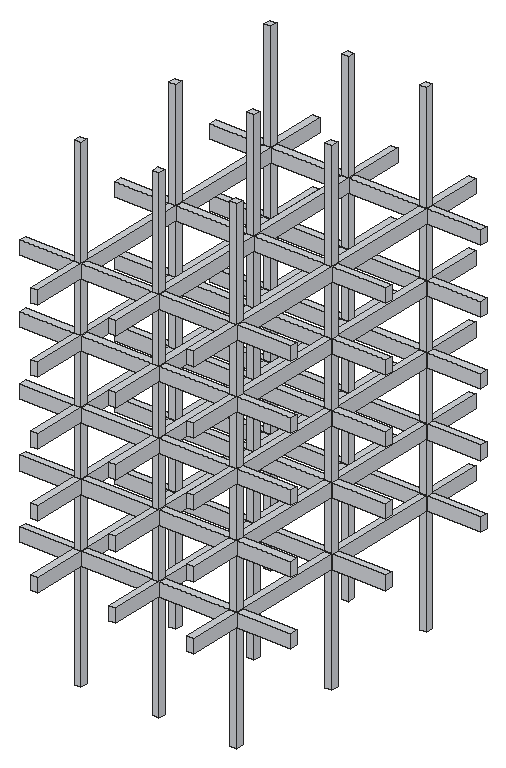
Revit family "3D_trellace", category Generic Models, Revit 2022
Family settings
  Can host rebar = No
  Round Connector Dimension = Use Diameter
  Part Type = Normal
  Work Plane-Based = No
  Always vertical = Yes
  Cut with Voids When Loaded = No
  Maintain Annotation Orientation = No
  Shared = No
  Room Calculation Point = No
Parameters
  Width Member Spacing [instance] = 6' - 0"
  Width [instance] = 18' - 0"
  Vertical Member Width [instance] = 0' - 6"
  Vertical Member No. [instance] = Width / Width Member Spacing  # 3
  Vertical Member Length [instance] = 0' - 6"
  Vertical Member Extension [instance] = 8' - 0"
  Length Member Spacing [instance] = 4' - 0"
  Length [instance] = 12' - 0"
  Horizontal Member Width = 0' - 6"
  Horizontal Member Extension [instance] = 8' - 0"
  Horizontal Member Height [instance] = 1' - 0"
  Horizontal Grid No. [instance] = Height / Height Member Spacing  # 5
  Height Member Spacing [instance] = 4' - 0"
  Height = 20' - 0"
  Final Height [instance] = Height + (Vertical Member Extension * 2)  # 36' - 0"
  Default Elevation = 0' - 0"
Reference planes (in)
  plane 1 "Center (Front/Back)": y = 0
  plane 2: z = 0
  plane 3 "Center (Left/Right)": x = 0
  plane 4: y = 108
  plane 5: x = 72
  plane 6: y = -108
  plane 7: x = -72
  plane 8: z = 240
  plane 9: z = -96
Dimensions and locks (in)
  equal spacing: plane 7, plane 3 "Center (Left/Right)", plane 5
  equal spacing: plane 4, plane 1 "Center (Front/Back)", plane 6
  "Length": plane 7 to plane 5
  "Width": plane 6 to plane 4
  "Height": plane 8 to level
  equal spacing: group 1, group 3, group 4, group 5, group 2  (x3)
  "Vertical Member Extension": level to plane 9
  equal spacing: group 6, group 8, group 7  (x3)
  aligned and locked: plane 2 to level
  aligned and locked: nested 1 to plane 1 "Center (Front/Back)"
  aligned and locked: nested 2 to plane 7
  aligned and locked: nested 3 to plane 8
  aligned and locked: nested 3 to plane 3 "Center (Left/Right)"
  aligned and locked: nested 1 to level
  aligned and locked: plane 9 to nested 2  (x2)
  aligned and locked: plane 6 to nested 2
  aligned and locked: nested 7 to plane 4
  aligned and locked: plane 9 to nested 7
  aligned and locked: nested 7 to plane 7
Nested families (in)
  nested 1: "horizontal_grid" at (0, 0, 0) x (0, -1, 0) z (0, 0, 1), type "horizontal_grid"
    with Width Spacing 6' - 0", Width No. 3, Overhang Offset 8' - 0", Final Width 26' - 0", Final Length 20' - 0", Base Width 18' - 0", Mullion Width 0' - 6", Mullion Height 1' - 0", Length Spacing 4' - 0", Length No. 3, Base Length 12' - 0"
  nested 2: "vertical_grid" at (-72, -105, -96), type "vertical_grid"
    with Width 12' - 0", Spacing 4' - 0", Mullion Width 0' - 6", Mullion Length 0' - 6", Height 36' - 0"
  nested 3: "horizontal_grid" at (0, 0, 228) x (0, -1, 0) z (0, 0, 1), type "horizontal_grid"
    with Width Spacing 6' - 0", Width No. 3, Overhang Offset 8' - 0", Final Width 26' - 0", Final Length 20' - 0", Base Width 18' - 0", Mullion Width 0' - 6", Mullion Height 1' - 0", Length Spacing 4' - 0", Length No. 3, Base Length 12' - 0"
  nested 4: "horizontal_grid" at (0, 0, 57) x (0, -1, 0) z (0, 0, 1), type "horizontal_grid"
    with Width Spacing 6' - 0", Width No. 3, Overhang Offset 8' - 0", Final Width 26' - 0", Final Length 20' - 0", Base Width 18' - 0", Mullion Width 0' - 6", Mullion Height 1' - 0", Length Spacing 4' - 0", Length No. 3, Base Length 12' - 0"
  nested 5: "horizontal_grid" at (0, 0, 114) x (0, -1, 0) z (0, 0, 1), type "horizontal_grid"
    with Width Spacing 6' - 0", Width No. 3, Overhang Offset 8' - 0", Final Width 26' - 0", Final Length 20' - 0", Base Width 18' - 0", Mullion Width 0' - 6", Mullion Height 1' - 0", Length Spacing 4' - 0", Length No. 3, Base Length 12' - 0"
  nested 6: "horizontal_grid" at (0, 0, 171) x (0, -1, 0) z (0, 0, 1), type "horizontal_grid"
    with Width Spacing 6' - 0", Width No. 3, Overhang Offset 8' - 0", Final Width 26' - 0", Final Length 20' - 0", Base Width 18' - 0", Mullion Width 0' - 6", Mullion Height 1' - 0", Length Spacing 4' - 0", Length No. 3, Base Length 12' - 0"
  nested 7: "vertical_grid" at (-72, 105, -96), type "vertical_grid"
    with Width 12' - 0", Spacing 4' - 0", Mullion Width 0' - 6", Mullion Length 0' - 6", Height 36' - 0"
  nested 8: "vertical_grid" at (-72, 0, -96), type "vertical_grid"
    with Width 12' - 0", Spacing 4' - 0", Mullion Width 0' - 6", Mullion Length 0' - 6", Height 36' - 0"
Definition of nested family "horizontal_grid"
  Parameters (values of type "horizontal_grid")
    Width Spacing = 2' - 0"
    Width No. = Base Width / Width Spacing  # 25
    Overhang Offset = 3' - 0"
    Final Width = Base Width + Overhang Offset  # 53' - 0"
    Final Length = Base Length + Overhang Offset  # 33' - 0"
    Base Width = 50' - 0"
    Mullion Width = 0' - 2"
    Mullion Height = 0' - 4"
    Length Spacing = 2' - 0"
    Length No. = Base Length / Length Spacing  # 15
    Base Length = 30' - 0"
    Default Elevation = 0' - 0"
  Reference planes (in)
    plane 1 "Center (Front/Back)": y = 0
    plane 2: z = 0
    plane 3 "Center (Left/Right)": x = 0
    plane 4: y = 180
    plane 5: x = 300
    plane 6: y = -180
    plane 7: x = -300
  Dimensions and locks (in)
    equal spacing: plane 7, plane 3 "Center (Left/Right)", plane 5
    equal spacing: plane 4, plane 1 "Center (Front/Back)", plane 6
    "Base Length": plane 4 to plane 6
    "Base Width": plane 7 to plane 5
    equal spacing: group 2, group 29, group 28, group 27, group 26, group 25, group 24, group 23, group 22, group 21, group 20, group 19, group 18, group 17, group 16, group 15, group 14, group 13, group 12, group 11, group 9, group 8, group 7, group 6, group 1
    equal spacing: group 1, group 6, group 7, group 8, group 9, group 11, group 12, group 13, group 14, group 15, group 16, group 17, group 18, group 19, group 20, group 21, group 22, group 23, group 24, group 25, group 26, group 27, group 28, group 29, group 2  (x2)
    equal spacing: group 3, group 5, group 10, group 30, group 31, group 32, group 33, group 34, group 35, group 36, group 37, group 38, group 39, group 40, group 4  (x2)
    equal spacing: group 4, group 40, group 39, group 38, group 37, group 36, group 35, group 34, group 33, group 32, group 31, group 30, group 10, group 5, group 3
    aligned and locked: plane 2 to level
    aligned and locked: nested 1 to plane 4
    aligned and locked: nested 3 to plane 1 "Center (Front/Back)"
    aligned and locked: nested 3 to plane 7
    aligned and locked: nested 4 to plane 3 "Center (Left/Right)"
    aligned and locked: nested 4 to plane 6
    aligned and locked: plane 3 "Center (Left/Right)" to nested 1
    aligned and locked: plane 1 "Center (Front/Back)" to nested 2
    aligned and locked: nested 2 to plane 5
  Nested families (in)
    nested 1: "single_member" at (0, 179, 0), type "Width Member"
      with Width 53' - 0", Length 0' - 2", Height 0' - 4"
    nested 2: "single_member" at (299, 0, 0), type "Length Member"
      with Width 0' - 2", Length 33' - 0", Height 0' - 4"
    nested 3: "single_member" at (-299, 0, 0), type "Length Member"
      with Width 0' - 2", Length 33' - 0", Height 0' - 4"
    nested 4: "single_member" at (0, -179, 0), type "Width Member"
      with Width 53' - 0", Length 0' - 2", Height 0' - 4"
    nested 5: "single_member" at (0, 153.42857, 0), type "Width Member"
      with Width 53' - 0", Length 0' - 2", Height 0' - 4"
    nested 6: "single_member" at (274.08333, 0, 0), type "Length Member"
      with Width 0' - 2", Length 33' - 0", Height 0' - 4"
    nested 7: "single_member" at (249.16667, 0, 0), type "Length Member"
      with Width 0' - 2", Length 33' - 0", Height 0' - 4"
    nested 8: "single_member" at (224.25, 0, 0), type "Length Member"
      with Width 0' - 2", Length 33' - 0", Height 0' - 4"
    nested 9: "single_member" at (199.33333, 0, 0), type "Length Member"
      with Width 0' - 2", Length 33' - 0", Height 0' - 4"
    nested 10: "single_member" at (0, 127.85714, 0), type "Width Member"
      with Width 53' - 0", Length 0' - 2", Height 0' - 4"
    nested 11: "single_member" at (174.41667, 0, 0), type "Length Member"
      with Width 0' - 2", Length 33' - 0", Height 0' - 4"
    nested 12: "single_member" at (149.5, 0, 0), type "Length Member"
      with Width 0' - 2", Length 33' - 0", Height 0' - 4"
    nested 13: "single_member" at (124.58333, 0, 0), type "Length Member"
      with Width 0' - 2", Length 33' - 0", Height 0' - 4"
    nested 14: "single_member" at (99.66667, 0, 0), type "Length Member"
      with Width 0' - 2", Length 33' - 0", Height 0' - 4"
    nested 15: "single_member" at (74.75, 0, 0), type "Length Member"
      with Width 0' - 2", Length 33' - 0", Height 0' - 4"
    nested 16: "single_member" at (49.83333, 0, 0), type "Length Member"
      with Width 0' - 2", Length 33' - 0", Height 0' - 4"
    nested 17: "single_member" at (24.91667, 0, 0), type "Length Member"
      with Width 0' - 2", Length 33' - 0", Height 0' - 4"
    nested 18: "single_member" at (0, 0, 0), type "Length Member"
      with Width 0' - 2", Length 33' - 0", Height 0' - 4"
    nested 19: "single_member" at (-24.91667, 0, 0), type "Length Member"
      with Width 0' - 2", Length 33' - 0", Height 0' - 4"
    nested 20: "single_member" at (-49.83333, 0, 0), type "Length Member"
      with Width 0' - 2", Length 33' - 0", Height 0' - 4"
    nested 21: "single_member" at (-74.75, 0, 0), type "Length Member"
      with Width 0' - 2", Length 33' - 0", Height 0' - 4"
    nested 22: "single_member" at (-99.66667, 0, 0), type "Length Member"
      with Width 0' - 2", Length 33' - 0", Height 0' - 4"
    nested 23: "single_member" at (-124.58333, 0, 0), type "Length Member"
      with Width 0' - 2", Length 33' - 0", Height 0' - 4"
    nested 24: "single_member" at (-149.5, 0, 0), type "Length Member"
      with Width 0' - 2", Length 33' - 0", Height 0' - 4"
    nested 25: "single_member" at (-174.41667, 0, 0), type "Length Member"
      with Width 0' - 2", Length 33' - 0", Height 0' - 4"
    nested 26: "single_member" at (-199.33333, 0, 0), type "Length Member"
      with Width 0' - 2", Length 33' - 0", Height 0' - 4"
    nested 27: "single_member" at (-224.25, 0, 0), type "Length Member"
      with Width 0' - 2", Length 33' - 0", Height 0' - 4"
    nested 28: "single_member" at (-249.16667, 0, 0), type "Length Member"
      with Width 0' - 2", Length 33' - 0", Height 0' - 4"
    nested 29: "single_member" at (-274.08333, 0, 0), type "Length Member"
      with Width 0' - 2", Length 33' - 0", Height 0' - 4"
    nested 30: "single_member" at (0, 102.28571, 0), type "Width Member"
      with Width 53' - 0", Length 0' - 2", Height 0' - 4"
    nested 31: "single_member" at (0, 76.71429, 0), type "Width Member"
      with Width 53' - 0", Length 0' - 2", Height 0' - 4"
    nested 32: "single_member" at (0, 51.14286, 0), type "Width Member"
      with Width 53' - 0", Length 0' - 2", Height 0' - 4"
    nested 33: "single_member" at (0, 25.57143, 0), type "Width Member"
      with Width 53' - 0", Length 0' - 2", Height 0' - 4"
    nested 34: "single_member" at (0, 0, 0), type "Width Member"
      with Width 53' - 0", Length 0' - 2", Height 0' - 4"
    nested 35: "single_member" at (0, -25.57143, 0), type "Width Member"
      with Width 53' - 0", Length 0' - 2", Height 0' - 4"
    nested 36: "single_member" at (0, -51.14286, 0), type "Width Member"
      with Width 53' - 0", Length 0' - 2", Height 0' - 4"
    nested 37: "single_member" at (0, -76.71429, 0), type "Width Member"
      with Width 53' - 0", Length 0' - 2", Height 0' - 4"
    nested 38: "single_member" at (0, -102.28571, 0), type "Width Member"
      with Width 53' - 0", Length 0' - 2", Height 0' - 4"
    nested 39: "single_member" at (0, -127.85714, 0), type "Width Member"
      with Width 53' - 0", Length 0' - 2", Height 0' - 4"
    nested 40: "single_member" at (0, -153.42857, 0), type "Width Member"
      with Width 53' - 0", Length 0' - 2", Height 0' - 4"
  Definition of nested family "single_member"
    Parameters
      Width = 3' - 0.59276"
      Length = 1' - 4.00369"
      Height = 5' - 3.60631"
      Default Elevation = 0' - 0"
    Reference planes (in)
      plane 1 "Center (Front/Back)": y = 0
      plane 2: z = 0
      plane 3 "Center (Left/Right)": x = 0
      plane 4: z = 63.60631
    Forms (in)
      Sweep 1, solid
        path origin (0, 0, 0) x (1, 0, 0) y (0, 0, 1)
          loop
            line (0, 0) -> (0, 63.60631)
        profile origin (0, 0, 31.80316) x (-1, 0, 0) y (0, -1, 0)
          loop
            line (18.29638, -8.00184) -> (18.29638, 8.00184) -> (-18.29638, 8.00184) -> (-18.29638, -8.00184) -> (18.29638, -8.00184)
    Dimensions and locks (in)
      "Height": plane 4 to level
      equal spacing: Sweep 1 sketch curve, profile plane, Sweep 1 sketch curve  (x2)
      "Length": Sweep 1 sketch curve to Sweep 1 sketch curve
      "Width": Sweep 1 sketch curve to Sweep 1 sketch curve
      aligned and locked: plane 2 to level
      aligned and locked: plane 4 to Sweep 1 sketch curve
      aligned and locked: level to Sweep 1 sketch curve
    Automatic sketch dimensions
      Sweep 1 sketch curve to plane 3 "Center (Left/Right)" = 0' - 0"
Definition of nested family "vertical_grid"
  Parameters (values of type "vertical_grid")
    Width = 6' - 0"
    Spacing = 2' - 0"
    No. = Width / Spacing  # 3
    Mullion Width = 0' - 4"
    Mullion Length = 0' - 2"
    Height = 12' - 0"
    Default Elevation = 0' - 0"
  Reference planes (in)
    plane 1 "Center (Front/Back)": y = 0
    plane 2: z = 0
    plane 3 "Center (Left/Right)": x = 0
    plane 4: z = 144
    plane 5: x = 72
  Dimensions and locks (in)
    "Height": plane 4 to level
    "Width": plane 3 "Center (Left/Right)" to plane 5
    equal spacing: group 1, group 3, group 2  (x3)
    aligned and locked: plane 2 to level
    aligned and locked: plane 1 "Center (Front/Back)" to nested 1
    aligned and locked: level to nested 1
    aligned and locked: nested 1 to plane 3 "Center (Left/Right)"
    aligned and locked: nested 2 to level
    aligned and locked: plane 5 to nested 2
  Nested families (in)
    nested 1: "single_member" at (1, 0, 0), type "single_member"
      with Width 0' - 2", Length 0' - 4", Height 12' - 0"
    nested 2: "single_member" at (71, 0, 0), type "single_member"
      with Width 0' - 2", Length 0' - 4", Height 12' - 0"
    nested 3: "single_member" at (36, 0, 0), type "single_member"
      with Width 0' - 2", Length 0' - 4", Height 12' - 0"
  Definition of nested family "single_member"
    Parameters
      Width = 3' - 0.59276"
      Length = 1' - 4.00369"
      Height = 5' - 3.60631"
      Default Elevation = 0' - 0"
    Reference planes (in)
      plane 1 "Center (Front/Back)": y = 0
      plane 2: z = 0
      plane 3 "Center (Left/Right)": x = 0
      plane 4: z = 63.60631
    Forms (in)
      Sweep 1, solid
        path origin (0, 0, 0) x (1, 0, 0) y (0, 0, 1)
          loop
            line (0, 0) -> (0, 63.60631)
        profile origin (0, 0, 31.80316) x (-1, 0, 0) y (0, -1, 0)
          loop
            line (18.29638, -8.00184) -> (18.29638, 8.00184) -> (-18.29638, 8.00184) -> (-18.29638, -8.00184) -> (18.29638, -8.00184)
    Dimensions and locks (in)
      "Height": plane 4 to level
      equal spacing: Sweep 1 sketch curve, profile plane, Sweep 1 sketch curve  (x2)
      "Length": Sweep 1 sketch curve to Sweep 1 sketch curve
      "Width": Sweep 1 sketch curve to Sweep 1 sketch curve
      aligned and locked: plane 2 to level
      aligned and locked: plane 4 to Sweep 1 sketch curve
      aligned and locked: level to Sweep 1 sketch curve
    Automatic sketch dimensions
      Sweep 1 sketch curve to plane 3 "Center (Left/Right)" = 0' - 0"
